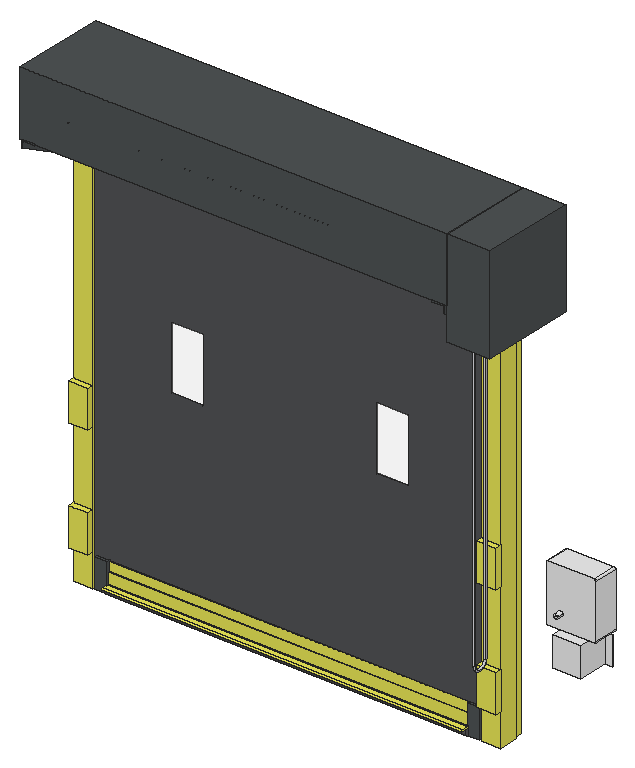
Revit family "Doors_Other_Overhead-Door-Corporation_RapidFlex-High-Speed-Exterior-Fabric-Door-995", category Specialty Equipment, host Wall, Revit 2019
Family settings
  Host = Wall
  Round Connector Dimension = Use Diameter
  Part Type = Normal
  OmniClass Number = 23.30.10.21.34
  OmniClass Title = Industrial Doors
  Always vertical = Yes
  Cut with Voids When Loaded = No
  Shared = No
  Room Calculation Point = No
Parameters (values of type "208 volts, three phase, 60 Hz (190-207 V range)")
  Vision Panels [instance] = yes
  True Width [instance] = [Door Width (Real)]  # 10' - 0"
  True Height [instance] = [Door Height (Real)]  # 10' - 0"
  Three Phase Controller [instance] = not(One Phase Controller)  # yes
  Rough Width [instance] = [Door Width (Real)]  # 10' - 0"
  Rough Height [instance] = if(Headroom Option < 3, [Door Height (Real)] - 0' 3 7/8", [Door Height (Real)] - 0' 1 19/128")  # 9' - 8 1/8"
  Product Page URL = "https://www.overheaddoor.com/high-speed-doors-995"
  Powder Coat (Note) = "PowderGuard® Premium powder coat options are available in approximately 200 colors as well as custom matching to specification. "  # constant formula
  Panel Material [instance] = NBR - Overhead Door - Black
  One Phase Controller [instance] = if(Number of Poles = 1, 1 = 1, 1 = 2)  # no
  Motor Cover [instance] = yes
  Hood Material = Metal - Overhead Door - Black
  Hood Height [instance] = 1' - 8 51/128"  # constant formula
  Headroom Type [instance] = if(or(Headroom Option < 1, Headroom Option = 1), "Standard Headroom", if(Headroom Option = 2, "Sloped Standard Headroom", if(Headroom Option = 3, "Low Headroom", "Sloped Low Headroom")))  # "Standard Headroom"
  Headroom Offset [instance] = if(or(Headroom Option < 1, Headroom Option = 1, Headroom Option = 3), 0' 0", if(or(Headroom Option = 2, Headroom Option > 3), 0' 10 1/8", 0' 10 1/8"))  # 0' - 0"
  Headroom Height [instance] = if(Headroom Option < 3, 2' 9" + 0' 3 7/8" + Headroom Offset, if(and(or(Rough Height < 14' 0", Rough Height = 14' 0"), or(Rough Width < 17' 0", Rough Width = 17' 0")), 1' 7" + Headroom Offset, if(and(or(Rough Height < 14' 0", Rough Height = 14' 0"), Rough Width > 17' 0"), 1' 8 1/2" + Headroom Offset, if(or(Rough Height < 22' 0", Rough Height = 22' 0"), 1' 8 1/2" + Headroom Offset, 2' 0 1/2" + Headroom Offset))))  # 3' - 0 7/8"
  Headroom Option [instance] = 1
  External Transformer = if(or(Voltage = 208 V, Voltage = 575 V), 1 = 1, 1 = 2)  # yes
  Door Width (Real) [instance] = if(Door Width > Max Door Width, Max Door Width, if(Door Width < Min Door Width, Min Door Width, Door Width))  # 10' - 0"
  Door Height (Real) [instance] = if(Door Height > Max Door Height, Max Door Height, if(Door Height < Min Door Height, Min Door Height, Door Height))  # 10' - 0"
  Voltage = 208 V
  URL = "https://www.overheaddoor.com/"
  Product data url = "https://www.bimobject.com/overhead-door/product/high-speed-exterior-rubber-door-995"
  Product Guid = "13b5c75b-cec7-45e1-8c6d-90d66582226f"
  Power Factor = 1
  Number of Poles = 3
  Model = "995"  # constant formula
  Min Door Width [instance] = 4' - 0"  # constant formula
  Min Door Height [instance] = 4' - 0"  # constant formula
  Max Door Width [instance] = 30' - 0"  # constant formula
  Max Door Height [instance] = 30' - 0"  # constant formula
  Manufacturer = "Overhead Door Corporation"  # constant formula
  Frequency = 60 Hz  # constant formula
  Wall Closure = By host
  Floor To (CL) of Shaft [instance] = Rough Height + Headroom Height - if(Headroom Option < 3, 0' 10 1/32", 0' 8 19/128") - Headroom Offset  # 11' - 10 31/32"
  Connector Description = "Rapidflex Large Control Panel"  # constant formula
  Finish Material = Finish - Overhead Door - Yellow
  Door Width [instance] = 10' - 0"
  Door Height [instance] = 10' - 0"
  Description = "RapidFlex® Model 995 is a heavy-duty exterior high speed rubber door that features a multi-reinforced NBR rubber curtain and high strength guide construction to withstand harsh exterior conditions. It features an independently tested wind load of up to 27.0 psf*."  # constant formula
  Current = 20 A
  Backroom Depth [instance] = if(Headroom Option < 3, 2' 5 17/32", if(and(or(Rough Height < 14' 0", Rough Height = 14' 0"), or(Rough Width < 17' 0", Rough Width = 17' 0")), 2' 4 1/2", if(and(or(Rough Height < 14' 0", Rough Height = 14' 0"), Rough Width > 17' 0"), 2' 5 1/2" + Headroom Offset, if(or(Rough Height < 22' 0", Rough Height = 22' 0"), 2' 7" + Headroom Offset, 2' 9"))))  # 2' - 5 17/32"
  Apparent Load Phase 3 = if(Number of Poles = 1, 0 VA, (Voltage * Current * sqrt(3)) / 3)  # 2401.78 VA
  Apparent Load Phase 2 = if(Number of Poles = 1, 0 VA, (Voltage * Current * sqrt(3)) / 3)  # 2401.78 VA
  Apparent Load Phase 1 = if(Number of Poles = 1, Voltage * Current, (Voltage * Current * sqrt(3)) / 3)  # 2401.78 VA
Reference planes (in)
  plane 1 "Center (Front/Back)": y = 0
  plane 2 "Center (Left/Right)": x = 0
  plane 3 "Left": x = -60
  plane 4 "Right": x = 60
  plane 5 "Exterior": y = 3.00375
  plane 6 "Interior": y = -2.99625
  plane 7: x = 60
  plane 8: x = -60
  plane 9: z = 116.125
  plane 10 "Main": y = -7.11344
  plane 11: y = -32.5275
  plane 12 "Main Door Block": y = -2.99625
  plane 13: z = 47.47
  plane 14: y = -10.44254
  plane 15: y = -10.52271
  plane 16: y = -10.36238
  plane 17: z = 120
Lines and regions (in)
  Opening 1
    outline origin (-90, -2.99625, 0) x (1, 0, 0) y (0, 0, 1)
      loop
        line (30, 0) -> (150, 0) -> (150, 116.125) -> (30, 116.125) -> (30, 0)
Text (in)
  text "Exterior" at (-74.96733, -29.37398, 0), in view "Ref. Level"
  text "Interior" at (-74.96733, 20.10035, 0), in view "Ref. Level"
  text "Exterior" at (0, 40.15149, 123.01588), in view "Right"
  text "Interior" at (0, -64.39139, 123.01588), in view "Right"
  text "Interior" at (0, -31.01599, 123.00693), in view "Left"
  text "Exterior" at (0, 54.57065, 123.00693), in view "Left"
Dimensions and locks (in)
  equal spacing: plane 3 "Left", plane 2 "Center (Left/Right)", plane 4 "Right"
  "Door Width (Real)": plane 3 "Left" to plane 4 "Right"
  level to host wall = 38' - 3.59655"
  equal spacing: plane 8, plane 2 "Center (Left/Right)", plane 7
  "Rough Width": plane 7 to plane 8
  "Backroom Depth": plane 6 "Interior" to plane 11
  locked: plane 12 "Main Door Block" to plane 10 "Main" at 4.11719
  plane 1 "Center (Front/Back)" to plane 6 "Interior" = 0' - 2.99625"
  locked: plane 14 to plane 6 "Interior" at 7.44629
  locked: plane 15 to plane 16 at 0.16033
  equal spacing: plane 15, plane 14, plane 16
  "Door Height (Real)": plane 17 to level
  "Rough Height": plane 9 to level
  aligned and locked: Opening 1 sketch curve to level
  aligned and locked: plane 5 "Exterior" to host wall
  aligned and locked: host wall to plane 6 "Interior"
  aligned and locked: plane 8 to Opening 1 sketch curve
  aligned and locked: plane 7 to Opening 1 sketch curve
  aligned and locked: plane 12 "Main Door Block" to plane 6 "Interior"
  aligned and locked: plane 12 "Main Door Block" to nested 1
  aligned and locked: nested 1 to plane 2 "Center (Left/Right)"
  aligned and locked: level to nested 1
  aligned and locked: Opening 1 sketch curve to plane 9
  aligned and locked: plane 2 "Center (Left/Right)" to nested 2
Nested families (in)
  nested 1: "Lifts" at (0, -2.99625, 0) x (-1, 0, 0) z (0, 0, 1), type "Frame Unit"
  nested 2: "Panel" at (0, -10.36238, 0), type "Panel"
    with Height Real 11' - 0 241/256", Height 9' - 8 1/8"
Connectors (in)
  electrical at (87.81444, -10.53625, 47.99806), driven by "Number of Poles", driven by "Voltage", driven by "Apparent Load Phase 1", driven by "Power Factor", driven by "Connector Description", driven by "Apparent Load Phase 2", driven by "Apparent Load Phase 3"
    settings: on nested 1, index 1, voltage 208 V, apparent load 0 VA, apparent load phase1 2401.78 VA, apparent load phase2 2401.78 VA, apparent load phase3 2401.78 VA, power factor 1, load classification "Other", number of poles 3, system type 31, power factor state 1, is connector primary yes, connector utility no, sub classification motor no, connector description "Rapidflex Large Control Panel"
Definition of nested family "Lifts"
  Parameters (values of type "Frame Unit")
    Three Phase Controller = yes
    Spool Radius = 0' - 4 1/2"
    Small Astragal = not(Large Astragal)  # no
    Shaft Offset = if(Headroom Option < 3, 1' 0 51/128", 0' 9")  # 1' - 0 51/128"
    Shaft Material = none
    Shaft Length Right = if(Right Motor Position, 1' 6 5/8", 0' 6 9/16")  # 1' - 6 5/8"
    Shaft Length Left = 0' - 8 1/16"  # constant formula
    Shaft 2 Vertical = if(Headroom Option < 3, 1' 2 13/256", 0' 0")  # 1' - 2 13/256"
    Shaft 2 Horizontal = if(Headroom Option < 3, 0' 9 57/64", 0' 9 1/2")  # 0' - 9 57/64"
    Rod 2 = if(and(not(Motor Cover), Right Motor Position), 1 = 1, 1 = 2)  # no
    Right Motor Position = yes
    Opening Width = 10' - 0"
    One Phase Controller = no
    Motor Cover Off = not(Motor Cover)  # no
    Motor Cover = yes
    Masking Region Right Motor Three Phase = if(and(Right Motor Position, Three Phase Controller), 1 = 1, 1 = 2)  # yes
    Masking Region Right Motor = if(and(Right Motor Position, Motor Cover Off), 1 = 1, 1 = 2)  # no
    Large Astragal = if(Headroom Option < 3, 1 = 1, 1 = 2)  # yes
    Jambs Offset = if(Headroom Option < 3, 0' 0", 0' 2 63/256")  # 0' - 0"
    Hood Material = none
    Headroom Option = 1
    Headroom Offset = 0' - 0"
    Headroom Height = 3' - 0 7/8"
    Header Width = 2' - 5 17/32"
    Header Height = if(Headroom Option < 3, 1' 8 15/256", 1' 4 77/256")  # 1' - 8 15/256"
    Guid Width = 0' - 6 9/16"
    Floor To CL Shaft = 11' - 10 31/32"
    External Transformer = yes
    Electric Operator Position = if(Right Motor Position, (2' 1 3/4" * 2 + Opening Width + 0' 0 5/8"), 0' 0")  # 14' - 4 1/8"
    Opening Height = 9' - 8 1/8"
    Finish Material = none
    Bar Offset = if(Headroom Option < 3, 0' 0", 1' 1")  # 0' - 0"
    Analytic Construction = "<None>"
  Reference planes (in)
    plane 1 "Center (Front/Back)": y = 0
    plane 2: z = 0
    plane 3 "Center (Left/Right)": x = 0
    plane 4 "Left": x = -60
    plane 5 "Right": x = 60
    plane 6 "Center Line of Shaft": z = 142.96875
    plane 7 "Headroom Top": z = 153
    plane 8 "Opening Height": z = 116.125
    plane 9: x = -78.625
    plane 10 "Shaft": x = -75.54413
    plane 11 "Box": x = -87.8125
    plane 12 "EBOX": z = 48
    plane 13: z = 39.09375
    plane 14: z = 56.90625
    plane 15: z = 43.5
    plane 16: y = 7.54
    plane 17 "2": z = 132.94141
    plane 18: y = 29.53125
    plane 19: x = 68.0625
    plane 20: x = 66.5625
    plane 21: x = -66.5625
    plane 22: x = -80.0625
    plane 23: x = -95.5625
    plane 24 "Center L/MM": x = 84.3125
    plane 25: z = 53
    plane 26: z = 43
    plane 27: x = -84.3125
    plane 28: x = -91.3125
    plane 29: y = 7.54
    plane 30 "1": z = 45.56
    plane 31 "Sloped motor LH": x = -71.125
    plane 32 "Sloped motor RH": x = 71.125
    plane 33: z = 153
    plane 34 "panel center": y = 7.44629
    plane 35: x = 80
    plane 36 "Jamb": z = 120
    plane 37: z = 120
    plane 38: y = 17.13281
    plane 39: z = 120
  Forms (in)
    Extrusion 1, solid, material <- "Shaft Material"
      sketch origin (0, 0, 0) x (0, 1, 0) y (0, 0, 1)
        loop
          circle (17.13281, 142.96875) r 0.78
      from -78.625 to 68.0625
    Extrusion 2, solid, visible <- "Three Phase Controller"
      sketch origin (-1.95651, 0, 0) x (1, 0, 0) y (0, 0, 1)
        loop
          line (-78.60599, 56.90625) -> (-93.10599, 56.90625)
          arc (-93.10599, 56.90625) -> (-93.45954, 56.7598) -> (-93.60599, 56.40625) r 0.5
          line (-93.60599, 56.40625) -> (-93.60599, 39.59375)
          arc (-93.60599, 39.59375) -> (-93.45954, 39.2402) -> (-93.10599, 39.09375) r 0.5
          line (-93.10599, 39.09375) -> (-78.60599, 39.09375)
          arc (-78.60599, 39.09375) -> (-78.25243, 39.2402) -> (-78.10599, 39.59375) r 0.5
          line (-78.10599, 39.59375) -> (-78.10599, 56.40625)
          arc (-78.10599, 56.40625) -> (-78.25243, 56.7598) -> (-78.60599, 56.90625) r 0.5
      from -7.54 to 0
    Revolve 3, solid, visible <- "Three Phase Controller"
      sketch origin (-55.03203, -180, 43.5) x (-1, 0, 0) y (0, -1, 0)
        loop
          line (29.42047, -187.54) -> (28.67047, -187.54) -> (28.82047, -189.312) -> (29.42047, -189.312) -> (29.42047, -187.54)
        axis (29.42047, -187.54) -> (29.42047, -189.312)
      angle from 0 to 360
    Extrusion 4, solid, material <- "Finish Material"
      sketch origin (0, 0, 0) x (1, 0, 0) y (0, 1, 0)
        loop
          line (66.5625, 8.5) -> (60.5625, 8.5) -> (60.5625, 8.12) -> (66.1825, 8.12) -> (66.1825, 6.62889) -> (62.00599, 6.62889) -> (60.91271, 7.23491) -> (60.81575, 7.05998) -> (61.95841, 6.4266) -> (65.97719, 6.4266) -> (65.97719, 6.00445) -> (65.62, 6.00445) -> (65.62, 0.38051) -> (60, 0.38051) -> (60, 0) -> (66, 0) -> (66, 2.5) -> (66.5625, 2.5) -> (66.5625, 8.5)
        loop
          line (-66.5625, 8.5) -> (-66.5625, 2.5) -> (-66, 2.5) -> (-66, 0) -> (-60, 0) -> (-60, 0.38051) -> (-65.62, 0.38051) -> (-65.62, 6.00445) -> (-65.97719, 6.00445) -> (-65.97719, 6.4266) -> (-61.95841, 6.4266) -> (-60.81575, 7.05998) -> (-60.91271, 7.23491) -> (-62.00599, 6.62889) -> (-66.1825, 6.62889) -> (-66.1825, 8.12) -> (-60.5625, 8.12) -> (-60.5625, 8.5) -> (-66.5625, 8.5)
      from 0 to 120
    Extrusion 5, solid, material <- "Hood Material"
      sketch origin (0, 0, 0) x (0, 1, 0) y (0, 0, 1)
        loop
          line (0, 132.94141) -> (29.53125, 132.94141) -> (29.53125, 153) -> (0, 153) -> (0, 132.94141)
      from -66.5625 to 66.5625
    Extrusion 6, solid, material <- "Hood Material"
      sketch origin (-60, -60, 48) x (0, -1, 0) y (0, 0, 1)
        loop
          circle (-77.13281, 94.96875) r 4.5
      from 5.80769 to 4.63204
    Extrusion 7, solid, visible <- "External Transformer"
      sketch origin (0, 0, 48) x (1, 0, 0) y (0, 1, 0)
        loop
          line (-94.6875, 0) -> (-80.9375, 0) -> (-80.9375, 0.125) -> (-83.3125, 0.125) -> (-83.3125, 9.3125) -> (-92.3125, 9.3125) -> (-92.3125, 0.125) -> (-94.6875, 0.125) -> (-94.6875, 0)
      from -19.13 to -10
    Extrusion 8, solid, visible <- "One Phase Controller"
      sketch origin (0, 0, 0) x (1, 0, 0) y (0, 0, 1)
        loop
          line (-84.72803, 53) -> (-90.9125, 53)
          arc (-90.9125, 53) -> (-91.19534, 52.88284) -> (-91.3125, 52.6) r 0.4
          line (-91.3125, 52.6) -> (-91.3125, 43.4)
          arc (-91.3125, 43.4) -> (-91.19534, 43.11716) -> (-90.9125, 43) r 0.4
          line (-90.9125, 43) -> (-84.7125, 43)
          arc (-84.7125, 43) -> (-84.42966, 43.11716) -> (-84.3125, 43.4) r 0.4
          line (-84.3125, 43.4) -> (-84.3125, 52.58447)
          arc (-84.3125, 52.58447) -> (-84.43421, 52.87829) -> (-84.72803, 53) r 0.41553
      from -7.54 to 0
    Revolve 9, solid, visible <- "One Phase Controller"
      sketch origin (0, 0, 45.56) x (-1, 0, 0) y (0, -1, 0)
        loop
          line (87.8125, -9.3125) -> (87.8125, -7.54) -> (87.0625, -7.54) -> (87.2125, -9.3125) -> (87.8125, -9.3125)
        axis (87.8125, -9.3125) -> (87.8125, -7.54)
      angle from 0 to 360
    Extrusion 10, solid, material <- "Hood Material"
      sketch origin (60, -60, 48) x (0, -1, 0) y (0, 0, -1)
        loop
          circle (-77.13281, -94.96875) r 4.5
      from 5.80769 to 4.63204
    Extrusion 11, solid, material <- "Finish Material"
      sketch origin (0, 0, 0) x (1, 0, 0) y (0, 1, 0)
        loop
          line (65.05337, 1.4214) -> (65.05337, 6.42707) -> (62.05337, 6.42707) -> (62.05337, 1.4214) -> (65.05337, 1.4214)
        loop
          line (-65.05337, 1.4214) -> (-62.05337, 1.4214) -> (-62.05337, 6.42707) -> (-65.05337, 6.42707) -> (-65.05337, 1.4214)
      from 0 to 0.38
    Extrusion 12, solid, material <- "Finish Material"
      sketch origin (0, 0, 0) x (1, 0, 0) y (0, 1, 0)
        loop
          line (66.5625, 10.52653) -> (60.66925, 10.52653) -> (60.66925, 8.5) -> (66.5625, 8.5) -> (66.5625, 10.52653)
        loop
          line (-66.5625, 10.52653) -> (-66.5625, 8.5) -> (-60.66925, 8.5) -> (-60.66925, 10.52653) -> (-66.5625, 10.52653)
      from 10.30995 to 22.01998
    Extrusion 13, solid, material <- "Finish Material"
      sketch origin (0, 0, 0) x (1, 0, 0) y (0, 1, 0)
        loop
          line (-66.5625, 10.52653) -> (-66.5625, 8.5) -> (-60.66925, 8.5) -> (-60.66925, 10.52653) -> (-66.5625, 10.52653)
        loop
          line (60.66925, 10.52653) -> (60.66925, 8.5) -> (66.5625, 8.5) -> (66.5625, 10.52653) -> (60.66925, 10.52653)
      from 45.16821 to 56.75
    Extrusion 14, solid, material <- "Hood Material"
      sketch origin (0, 0, 0) x (1, 0, 0) y (0, 0, 1)
        loop
          arc (66, 132.63772) -> (65.91105, 132.85246) -> (65.69632, 132.94141) r 0.30368
          line (65.69632, 132.94141) -> (62, 132.94141) -> (62, 132.5575) -> (65.50079, 132.5575)
          arc (65.50079, 132.5575) -> (65.58508, 132.52258) -> (65.62, 132.43829) r 0.11921
          line (65.62, 132.43829) -> (65.62, 120) -> (66, 120) -> (66, 132.63772)
        loop
          line (-66, 132.63772) -> (-66, 120) -> (-65.62, 120) -> (-65.62, 132.43829)
          arc (-65.62, 132.43829) -> (-65.58508, 132.52258) -> (-65.50079, 132.5575) r 0.11921
          line (-65.50079, 132.5575) -> (-62, 132.5575) -> (-62, 132.94141) -> (-65.69632, 132.94141)
          arc (-65.69632, 132.94141) -> (-65.91105, 132.85246) -> (-66, 132.63772) r 0.30368
      from -29.53125 to 0
    Extrusion 15, solid, material <- "Finish Material"
      sketch origin (0, 5.25463, 0) x (0, 1, 0) y (0, 0, 1)
        loop
          line (2.42, 9.04635) -> (1.96332, 9.04635) -> (1.96332, 6.00783) -> (1.49629, 6.00783) -> (1.49629, 2.61647)
          arc (1.49629, 2.61647) -> (1.43504, 2.4686) -> (1.28717, 2.40735) r 0.20912
          line (1.28717, 2.40735) -> (-0.65234, 2.40735)
          arc (-0.65234, 2.40735) -> (-0.9076, 2.30162) -> (-1.01334, 2.04635) r 0.361
          line (-1.01334, 2.04635) -> (5.39666, 2.04635)
          arc (5.39666, 2.04635) -> (5.29093, 2.30162) -> (5.03566, 2.40735) r 0.361
          line (5.03566, 2.40735) -> (3.09615, 2.40735)
          arc (3.09615, 2.40735) -> (2.94828, 2.4686) -> (2.88703, 2.61647) r 0.20912
          line (2.88703, 2.61647) -> (2.88703, 6.00783) -> (2.42, 6.00783) -> (2.42, 9.04635)
      from -56.24 to 56.24
    Extrusion 16, solid, material <- "Hood Material"
      sketch origin (0, 0, 0) x (1, 0, 0) y (0, 0, 1)
        loop
          line (-60, 0) -> (-56.24, 0) -> (-56.24, 9.04635) -> (-60, 9.04635) -> (-60, 0)
        loop
          line (60, 0) -> (60, 9.04635) -> (56.24, 9.04635) -> (56.24, 0) -> (60, 0)
      from 0 to -8.5
    Extrusion 17, solid
      sketch origin (0, 0, 0) x (0, 1, 0) y (0, 0, 1)
        loop
          circle (9.89062, 128.91797) r 0.5
      from -67.4125 to 67.4125
    Extrusion 18, solid, material <- "Hood Material"
      sketch origin (0, 0, 0) x (0, 1, 0) y (0, 0, 1)
        loop
          circle (9.89062, 128.91797) r 2.17188
      from -63.62 to 63.62
    Extrusion 19, void
      sketch origin (0, 0, 0) x (0, 1, 0) y (0, 0, 1)
        loop
          line (29.53125, 116.125) -> (29.53125, 130.5575) -> (10, 120) -> (6.00445, 120) -> (6.00445, 132.94141) -> (0, 132.94141) -> (0, 116.125) -> (29.53125, 116.125)
      from -71.125 to 68.0625
    Extrusion 20, solid
      sketch origin (-69.5, -180, 132.94141) x (-1, 0, 0) y (0, -1, 0)
        loop
          line (-135.12, -180.38051) -> (-135.12, -186.4266) -> (-131.5, -186.4266) -> (-131.5, -186.04769) -> (-134.74109, -186.04769) -> (-134.74109, -180.38051) -> (-135.12, -180.38051)
        loop
          line (-3.88, -180.38051) -> (-4.25891, -180.38051) -> (-4.25891, -186.04769) -> (-7.5, -186.04769) -> (-7.5, -186.4266) -> (-3.88, -186.4266) -> (-3.88, -180.38051)
      from -12.94141 to 0
    Extrusion 21, solid
      sketch origin (0, 0, 0) x (0, 1, 0) y (0, 0, 1)
        loop
          line (6.75092, 2.04635) -> (6.75092, 1.79635) -> (6.48807, 1.75)
          arc (6.48807, 1.75) -> (5.61307, 0.875) -> (6.48807, 0) r 0.875
          line (6.48807, 0) -> (8.40451, 0)
          arc (8.40451, 0) -> (9.27951, 0.875) -> (8.40451, 1.75) r 0.875
          line (8.40451, 1.75) -> (8.14166, 1.79635) -> (8.14166, 2.04635) -> (6.75092, 2.04635)
      from -56.24 to 56.24
  Cuts and joins
    Extrusion 19 cuts Extrusion 14
  Lines and regions (in)
    Masking region 1, visible <- "Three Phase Controller"
      outline origin (0, 0, 0) x (1, 0, 0) y (0, 1, 0)
        loop
          line (-95.5625, 0) -> (-80.0625, 0) -> (-80.0625, 7.54) -> (-95.5625, 7.54) -> (-95.5625, 0)
    Masking region 2, visible <- "Masking Region Right Motor Three Phase"
      outline origin (0, 0, 0) x (1, 0, 0) y (0, 1, 0)
        loop
          line (-83.7025, 7.54) -> (-83.8525, 9.312) -> (-85.0525, 9.312) -> (-85.2025, 7.54) -> (-83.7025, 7.54)
    Masking region 3, visible <- "External Transformer"
      outline origin (0, 0, 0) x (1, 0, 0) y (0, 1, 0)
        loop
          line (-92.3125, 7.54) -> (-83.3125, 7.54) -> (-83.3125, 9.3125) -> (-92.3125, 9.3125) -> (-92.3125, 7.54)
    Masking region 4, not visible
      outline origin (-205.49871, -5.75, 0) x (0, 1, 0) y (-1, 0, 0)
        loop
          line (13.29, -113.57621) -> (13.29, -115.07621) -> (15.062, -114.92621) -> (15.062, -113.72621) -> (13.29, -113.57621)
    Masking region 5
      outline origin (0, 0, 0) x (1, 0, 0) y (0, 1, 0)
        loop
          line (-66.5625, 29.53125) -> (-66.5625, 0) -> (66.5625, 0) -> (66.5625, 29.53125) -> (-66.5625, 29.53125)
    Masking region 6, visible <- "One Phase Controller"
      outline origin (0, 0, 0) x (1, 0, 0) y (0, 1, 0)
        loop
          line (-91.3125, 7.54) -> (-91.3125, 0) -> (-84.33954, 0) -> (-84.33954, 7.54) -> (-91.3125, 7.54)
    Masking region 7, visible <- "One Phase Controller"
      outline origin (0, 0, 0) x (1, 0, 0) y (0, 1, 0)
        loop
          line (-88.4125, 9.3125) -> (-88.5625, 7.54) -> (-87.0625, 7.54) -> (-87.2125, 9.3125) -> (-88.4125, 9.3125)
    Masking region 8, visible <- "Right Motor Position"
      outline origin (0, 0, 0) x (1, 0, 0) y (0, 1, 0)
        loop
          line (66.5625, 17.90751) -> (66.5625, 16.35281) -> (68.0625, 16.35281) -> (68.0625, 17.90751) -> (66.5625, 17.90751)
    Masking region 9, visible <- "Rod 2"
      outline origin (0, 0, 0) x (0, 1, 0) y (-1, 0, 0)
        loop
          line (17.91281, 78.625) -> (16.35281, 78.625) -> (16.35281, 74.7915) -> (16.79189, 74.7915) -> (16.79189, 74.2615) -> (17.91281, 74.2615) -> (17.91281, 78.625)
        loop
          line (17.91281, 66.5625) -> (17.91281, 68.4925) -> (17.27997, 68.4925) -> (17.27997, 69.7225) -> (17.91281, 69.7225) -> (17.91281, 70.3225) -> (16.79189, 70.3225) -> (16.79189, 69.79528) -> (16.35281, 69.79528) -> (16.35281, 66.5625) -> (17.91281, 66.5625)
    Masking region 10, not visible
      outline origin (0, 0, 120) x (0, -1, 0) y (1, 0, 0)
        loop
          line (-10.39062, 67.4125) -> (-10.39062, 66.5625) -> (-9.39062, 66.5625) -> (-9.39062, 67.4125) -> (-10.39062, 67.4125)
    symbolic lines, not visible
      curve 1: line (-64.3625, 7.78111, 0) -> (-64.3625, 6.21995, 0)
      curve 2: line (64.36395, 7.78111, 0) -> (64.36395, 5.875, 0)
    symbolic lines
      curve 3: line (-64.3625, 29.53125, 0) -> (-64.3625, 0, 0)
      curve 4: line (64.36395, 29.53125, 0) -> (64.36395, 0, 0)
  Dimensions and locks (in)
    equal spacing: plane 4 "Left", plane 3 "Center (Left/Right)", plane 5 "Right"
    "Opening Width": plane 4 "Left" to plane 5 "Right"
    "Header Height": plane 7 "Headroom Top" to plane 17 "2"
    "Opening Height": plane 8 "Opening Height" to level
    locked: level to plane 12 "EBOX" at 48
    locked: plane 11 "Box" to Revolve 3 sketch curve at 3.36
    equal spacing: plane 14, plane 12 "EBOX", plane 13
    locked: plane 12 "EBOX" to plane 15 at 4.5
    locked: plane 13 to plane 14 at 17.8125
    locked: plane 10 "Shaft" to plane 4 "Left" at 15.54413
    plane 11 "Box" to plane 10 "Shaft" = 1' - 0.26837"
    locked: plane 16 to plane 1 "Center (Front/Back)" at 7.54
    locked: Revolve 3 sketch curve to Revolve 3 sketch curve at 0.6
    locked: Revolve 3 sketch curve to Revolve 3 sketch curve at 0.75
    locked: plane 16 to Revolve 3 sketch curve at 1.772
    "Header Width": plane 1 "Center (Front/Back)" to Extrusion 5 sketch curve
    Extrusion 5 to plane 4 "Left" = 0' - 6 9/16"
    plane 5 "Right" to Extrusion 5 = 0' - 6 9/16"
    "Header Width": plane 1 "Center (Front/Back)" to plane 18
    plane 21 to nested 1 = 0' - 5.729"
    "Guid Width": plane 4 "Left" to plane 21
    "Guid Width": plane 5 "Right" to plane 20
    locked: plane 11 "Box" to plane 23 at 7.75
    locked: plane 22 to plane 11 "Box" at 7.75
    locked: plane 1 "Center (Front/Back)" to Extrusion 7 sketch curve at 0.125
    locked: plane 11 "Box" to Extrusion 7 sketch curve at 4.5
    locked: Extrusion 7 sketch curve to plane 11 "Box" at 4.5
    locked: Extrusion 7 sketch curve to plane 11 "Box" at 6.875
    locked: plane 11 "Box" to Extrusion 7 sketch curve at 6.875
    plane 1 "Center (Front/Back)" to Extrusion 7 sketch curve = 0' - 9 5/16"
    plane 20 to plane 21 = 11' - 1 1/8"
    "Electric Operator Position": plane 11 "Box" to plane 24 "Center L/MM"
    equal spacing: Masking region 1 sketch curve, plane 11 "Box", Masking region 1 sketch curve
    locked: Masking region 1 sketch curve to Masking region 1 sketch curve at 15.5
    "Floor To CL Shaft": plane 6 "Center Line of Shaft" to plane 2
    equal spacing: plane 26, plane 12 "EBOX", plane 25
    locked: plane 26 to plane 25 at 10
    locked: plane 1 "Center (Front/Back)" to plane 29 at 7.54
    locked: plane 29 to Revolve 9 sketch curve at 1.7725
    locked: plane 12 "EBOX" to plane 30 "1" at 2.44
    locked: plane 11 "Box" to Revolve 9 sketch curve at 0.75
    locked: plane 11 "Box" to Revolve 9 sketch curve at 0.6
    equal spacing: plane 32 "Sloped motor RH", plane 3 "Center (Left/Right)", plane 31 "Sloped motor LH"
    locked: plane 4 "Left" to plane 31 "Sloped motor LH" at 11.125
    "Shaft Length Right": plane 9 to plane 4 "Left"
    "Headroom Offset": plane 33 to plane 7 "Headroom Top"
    "Headroom Height": plane 33 to plane 8 "Opening Height"
    locked: plane 27 to plane 11 "Box" at 3.5
    locked: plane 11 "Box" to plane 28 at 3.5
    locked: plane 20 to plane 24 "Center L/MM" at 17.75
    plane 5 "Right" to plane 24 "Center L/MM" = 2' - 0 5/16"
    locked: Extrusion 10 to plane 20 at 0.75481
    locked: Extrusion 10 to Extrusion 10 at 1.17565
    plane 24 "Center L/MM" to plane 19 = 1' - 4 1/4"
    locked: plane 1 "Center (Front/Back)" to Extrusion 11 sketch curve at 1.4214  (x2)
    locked: Extrusion 11 sketch curve to Extrusion 11 sketch curve at 5.00568  (x2)
    locked: Extrusion 11 sketch curve to plane 20 at 1.50913
    locked: Extrusion 11 sketch curve to Extrusion 11 sketch curve at 3  (x2)
    locked: plane 21 to Extrusion 11 sketch curve at 1.50913
    locked: plane 1 "Center (Front/Back)" to Extrusion 12 sketch curve at 8.5
    locked: Extrusion 12 sketch curve to Extrusion 12 sketch curve at 2.02653
    locked: plane 21 to Extrusion 12 sketch curve at 5.89325
    locked: Extrusion 12 sketch curve to plane 20 at 5.89325
    locked: Extrusion 12 to level at 10.30995
    locked: Extrusion 12 to Extrusion 12 at 11.71003
    locked: plane 1 "Center (Front/Back)" to Extrusion 13 sketch curve at 8.5
    locked: Extrusion 13 sketch curve to Extrusion 13 sketch curve at 2.02653
    locked: plane 21 to Extrusion 13 sketch curve at 5.89325
    locked: Extrusion 13 sketch curve to plane 20 at 5.89325
    locked: Extrusion 12 to Extrusion 13 at 23.14823
    locked: Extrusion 13 to Extrusion 13 at 11.58179
    locked: plane 1 "Center (Front/Back)" to plane 34 "panel center" at 7.44629
    locked: Extrusion 15 sketch curve to Extrusion 15 sketch curve at 1.39074
    locked: Extrusion 15 sketch curve to Extrusion 15 sketch curve at 3.03852
    locked: Extrusion 15 sketch curve to level at 9.04635
    locked: Extrusion 15 sketch curve to Extrusion 15 sketch curve at 7
    Extrusion 15 sketch curve to plane 34 "panel center" = 0' - 3.205"
    locked: Extrusion 15 sketch curve to Extrusion 15 sketch curve at 0.361
    locked: Extrusion 15 sketch curve to plane 34 "panel center" at 0.69537
    locked: Extrusion 16 sketch curve to level at 9.04635
    locked: Extrusion 16 sketch curve to plane 5 "Right" at 3.76
    plane 6 "Center Line of Shaft" to level = 11' - 10 31/32"
    locked: plane 37 to plane 8 "Opening Height" at 3.875
    "Jambs Offset": plane 37 to plane 36 "Jamb"
    "Shaft Offset": plane 38 to plane 18
    "Shaft 2 Vertical": plane 6 "Center Line of Shaft" to Extrusion 17 sketch curve
    locked: Extrusion 17 to plane 21 at 0.85
    locked: Extrusion 17 to plane 20 at 0.85
    "Shaft 2 Vertical": plane 6 "Center Line of Shaft" to Extrusion 18 sketch curve
    "Shaft 2 Horizontal": plane 1 "Center (Front/Back)" to Extrusion 18 sketch curve
    "Shaft 2 Horizontal": plane 1 "Center (Front/Back)" to Extrusion 17 sketch curve
    locked: plane 17 "2" to Extrusion 14 sketch curve at 12.94141  (x2)
    locked: plane 20 to Extrusion 14 sketch curve at 4.5625
    locked: plane 20 to Extrusion 14 sketch curve at 0.9425
    locked: plane 20 to Extrusion 14 sketch curve at 0.5625
    locked: Masking region 9 sketch curve to plane 38 at 0.78
    locked: plane 38 to Masking region 9 sketch curve at 0.78
    locked: plane 38 to Masking region 8 sketch curve at 0.7747
    locked: Masking region 8 sketch curve to plane 38 at 0.78
    locked: plane 20 to Masking region 8 sketch curve at 1.5
    "Shaft Length Left": plane 5 "Right" to plane 19
    plane 9 to Masking region 9 sketch curve to Masking region 9 sketch curve to Masking region 9 sketch curve to Masking region 9 sketch curve to Masking region 9 sketch curve to Masking region 9 sketch curve = 0' - 3.8335" locked, 0' - 0.53" locked, 0' - 3.939" locked, 0' - 0.52722" locked, 0' - 0.07278" locked, 0' - 1.23" locked
    Masking region 9 sketch curve to Masking region 9 sketch curve to Masking region 9 sketch curve to Masking region 9 sketch curve = 0' - 0.63284" locked, 0' - 0.48809" locked, 0' - 0.43907" locked
    locked: Extrusion 14 sketch curve to plane 21 at 0.5625
    locked: Extrusion 14 sketch curve to plane 21 at 0.9425
    locked: Extrusion 14 sketch curve to plane 21 at 4.5625
    locked: plane 1 "Center (Front/Back)" to Extrusion 19 sketch curve at 10
    locked: plane 17 "2" to Extrusion 19 sketch curve at 2.38391
    locked: Extrusion 19 sketch curve to Extrusion 19 sketch curve at 3.875
    locked: Extrusion 19 sketch curve to Extrusion 19 sketch curve at 6.00445
    locked: Extrusion 6 to Extrusion 6 at 1.17565
    locked: plane 4 "Left" to Extrusion 6 at 4.63204
    locked: Extrusion 20 sketch curve to Extrusion 20 sketch curve at 0.37891  (x4)
    locked: Extrusion 20 sketch curve to plane 20 at 0.9425
    locked: plane 1 "Center (Front/Back)" to Extrusion 20 sketch curve at 6.04769  (x2)
    locked: Extrusion 20 sketch curve to plane 20 at 4.5625
    locked: plane 21 to Extrusion 20 sketch curve at 1.32141
    locked: plane 21 to Extrusion 20 sketch curve at 4.5625
    locked: plane 17 "2" to Extrusion 19 sketch curve at 12.94141
    "Bar Offset": plane 36 "Jamb" to plane 39
    locked: plane 4 "Left" to Extrusion 16 sketch curve at 3.76
    locked: Extrusion 18 to plane 4 "Left" at 3.62
    locked: plane 5 "Right" to Extrusion 18 at 3.62
    locked: plane 34 "panel center" to Extrusion 15 sketch curve at 3.205
    level to Extrusion 15 sketch curve = 0' - 2.04635"
    locked: Extrusion 21 sketch curve to Extrusion 21 sketch curve at 1.39074
    equal spacing: Extrusion 21 sketch curve, plane 34 "panel center", Extrusion 21 sketch curve  (x2)
    locked: Extrusion 21 sketch curve to Extrusion 21 sketch curve at 1.91644
    locked: Extrusion 1 sketch curve to Extrusion 1 sketch curve (radius 0' - 0.78")
    "Spool Radius": radius of Extrusion 6 sketch curve
    "Spool Radius": radius of Extrusion 10 sketch curve
    radius of Extrusion 17 sketch curve = 0' - 0 1/2"
    radius of Extrusion 18 sketch curve = 0' - 2 11/64"
    radius of Extrusion 21 sketch curve = 0' - 0 7/8"  (x2)
    locked: Revolve 3 to Masking region 2 sketch curve (angle 85.1614°)
    locked: Masking region 2 sketch curve to Revolve 3 (angle 85.1614°)
    locked: Masking region 7 sketch curve to Revolve 9 (angle 85.1628°)
    locked: Revolve 9 to Masking region 7 sketch curve (angle 85.1628°)
    locked: Extrusion 21 sketch curve to Extrusion 21 sketch curve (angle 100.00°)  (x2)
    aligned and locked: plane 2 to level
    aligned and locked: plane 9 to Extrusion 1
    aligned and locked: Extrusion 2 to plane 1 "Center (Front/Back)"
    aligned and locked: Extrusion 2 sketch curve to plane 13
    aligned and locked: plane 14 to Extrusion 2 sketch curve
    aligned and locked: Revolve 3 sketch curve to Revolve 3 sketch curve
    aligned and locked: Revolve 3 sketch curve to plane 16
    aligned and locked: plane 1 "Center (Front/Back)" to Extrusion 5 sketch curve
    aligned and locked: Extrusion 5 to plane 17 "2"
    aligned and locked: plane 17 "2" to Extrusion 5 sketch curve
    aligned and locked: Masking region 2 sketch curve to Revolve 3  (x2)
    aligned and locked: Extrusion 1 to plane 19
    aligned and locked: plane 22 to Extrusion 2 sketch curve
    aligned and locked: plane 23 to Extrusion 2 sketch curve
    aligned and locked: Extrusion 7 sketch curve to plane 1 "Center (Front/Back)"
    aligned and locked: Extrusion 7 sketch curve to Extrusion 7 sketch curve
    aligned and locked: Masking region 3 sketch curve to Extrusion 7  (x2)
    aligned and locked: Extrusion 7 to Masking region 3 sketch curve
    aligned and locked: plane 6 "Center Line of Shaft" to Extrusion 6 sketch curve
    aligned and locked: plane 6 "Center Line of Shaft" to Extrusion 1 sketch curve
    aligned and locked: Extrusion 5 to plane 21
    aligned and locked: plane 20 to Extrusion 5
    aligned and locked: nested 1 to plane 21
    aligned and locked: plane 18 to Masking region 5 sketch curve
    aligned and locked: Masking region 5 sketch curve to plane 1 "Center (Front/Back)"
    aligned and locked: Masking region 5 sketch curve to plane 21
    aligned and locked: Masking region 5 sketch curve to plane 20
    aligned and locked: plane 25 to Extrusion 8 sketch curve
    aligned and locked: Extrusion 8 sketch curve to plane 26
    aligned and locked: Extrusion 8 sketch curve to plane 27
    aligned and locked: plane 1 "Center (Front/Back)" to Extrusion 8
    aligned and locked: Revolve 9 sketch curve to Revolve 9 sketch curve
    aligned and locked: Revolve 9 sketch curve to plane 29
    aligned and locked: Masking region 7 sketch curve to Revolve 9
    aligned and locked: Masking region 3 to Masking region 7 sketch curve
    aligned and locked: plane 6 "Center Line of Shaft" to Extrusion 10 sketch curve
    aligned and locked: plane 20 to Masking region 8 sketch curve
    aligned and locked: Extrusion 2 to Masking region 6
    aligned and locked: Masking region 4 to Extrusion 2
    aligned and locked: Extrusion 2 to Revolve 3
    aligned and locked: plane 18 to curve 3
    aligned and locked: curve 3 to plane 1 "Center (Front/Back)"
    aligned and locked: plane 18 to curve 4
    aligned and locked: plane 1 "Center (Front/Back)" to curve 4
    aligned and locked: Extrusion 11 to plane 2
    aligned and locked: Extrusion 12 sketch curve to Extrusion 12 sketch curve  (x2)
    aligned and locked: plane 20 to Extrusion 12 sketch curve
    aligned and locked: plane 21 to Extrusion 12 sketch curve
    aligned and locked: Extrusion 13 sketch curve to plane 20
    aligned and locked: plane 21 to Extrusion 13 sketch curve
    aligned and locked: Extrusion 12 to Extrusion 13 sketch curve
    aligned and locked: Extrusion 14 to plane 1 "Center (Front/Back)"
    aligned and locked: Extrusion 16 sketch curve to plane 4 "Left"
    aligned and locked: level to Extrusion 16 sketch curve
    aligned and locked: Extrusion 16 sketch curve to level
    aligned and locked: Extrusion 16 sketch curve to plane 5 "Right"
    aligned and locked: Extrusion 16 sketch curve to Extrusion 16 sketch curve
    aligned and locked: Extrusion 15 to Extrusion 16  (x2)
    aligned and locked: Extrusion 4 to plane 36 "Jamb"
    aligned and locked: plane 33 to Extrusion 5 sketch curve
    aligned and locked: plane 7 "Headroom Top" to Extrusion 5 sketch curve
    aligned and locked: plane 38 to Extrusion 1 sketch curve
    aligned and locked: plane 38 to Extrusion 10 sketch curve
    aligned and locked: plane 38 to Extrusion 6 sketch curve
    aligned and locked: Extrusion 14 sketch curve to plane 17 "2"
    aligned and locked: plane 6 "Center Line of Shaft" to nested 1
    aligned and locked: Masking region 9 sketch curve to Masking region 9 sketch curve  (x2)
    aligned and locked: nested 1 to plane 38
    aligned and locked: plane 17 "2" to Extrusion 14 sketch curve
    aligned and locked: Extrusion 14 sketch curve to Extrusion 14 sketch curve
    aligned and locked: Extrusion 14 to plane 18
    aligned and locked: Extrusion 19 sketch curve to plane 18
    aligned and locked: plane 17 "2" to Extrusion 19 sketch curve
    aligned and locked: Extrusion 19 sketch curve to plane 1 "Center (Front/Back)"
    aligned and locked: Extrusion 19 to plane 19
    aligned and locked: Extrusion 19 to plane 31 "Sloped motor LH"
    aligned and locked: Masking region 10 sketch curve to Extrusion 17  (x3)
    aligned and locked: Extrusion 20 to plane 39
    aligned and locked: Extrusion 21 to Extrusion 16  (x2)
  Automatic sketch dimensions
    Extrusion 2 sketch curve to Extrusion 2 sketch curve = 0' - 0 1/2"
    Extrusion 2 sketch curve to plane 14 = 0' - 0 1/2"
    Extrusion 2 sketch curve to plane 22 = 0' - 0 1/2"  (x2)
    Extrusion 8 sketch curve to plane 28 = 0' - 0"
    Extrusion 8 sketch curve to plane 25 = 0' - 0.4"
    Extrusion 8 sketch curve to plane 15 = 0' - 0.1"  (x2)
    Extrusion 8 sketch curve to plane 25 = 0' - 0.41553"
    Revolve 9 sketch curve to plane 11 "Box" = 0' - 0"
    Revolve 9 sketch curve to plane 29 = 0' - 0"
    Revolve 9 sketch curve to Revolve 9 sketch curve = 0' - 0"
    plane 21 to curve 1 = 0' - 2.2"
    plane 21 to curve 3 = 0' - 2.2"
    curve 2 to plane 20 = 0' - 2.19855"
    curve 4 to plane 20 = 0' - 2.19855"
    curve 2 to plane 34 "panel center" = 0' - 1.57129"
    curve 1 to plane 34 "panel center" = 0' - 1.22634"
    plane 34 "panel center" to curve 2 = 0' - 0.33481"
    plane 34 "panel center" to curve 1 = 0' - 0.33481"
    Revolve 3 sketch curve to plane 18 = 0' - 7.38505"
    Revolve 3 sketch curve to plane 1 "Center (Front/Back)" = 0' - 3.07036"
    Extrusion 4 sketch curve to plane 21 = 0' - 0"
    Extrusion 4 sketch curve to plane 1 "Center (Front/Back)" = 0' - 0"
    Extrusion 4 sketch curve to plane 4 "Left" = 0' - 0"
    plane 1 "Center (Front/Back)" to Extrusion 4 sketch curve = 0' - 0"
    Extrusion 4 sketch curve to plane 5 "Right" = 0' - 0"
    Extrusion 4 sketch curve to plane 20 = 0' - 0"
    plane 21 to Extrusion 4 sketch curve = 0' - 0.38"
    plane 21 to Extrusion 4 sketch curve = 0' - 0 9/16"
    Extrusion 4 sketch curve to Extrusion 4 sketch curve = 0' - 0.20531"  (x2)
    Extrusion 4 sketch curve to Extrusion 4 sketch curve = 0' - 0.35719"  (x2)
    Extrusion 4 sketch curve to plane 34 "panel center" = 0' - 0.8174"  (x2)
    plane 4 "Left" to Extrusion 4 sketch curve = 0' - 2.00599"
    Extrusion 4 sketch curve to Extrusion 4 sketch curve = 0' - 0.04758"
    Extrusion 4 sketch curve to plane 34 "panel center" = 0' - 0.21139"  (x2)
    plane 4 "Left" to Extrusion 4 sketch curve = 0' - 0.91271"
    Extrusion 4 sketch curve to plane 34 "panel center" = 0' - 0.38631"
    plane 4 "Left" to Extrusion 4 sketch curve = 0' - 0 9/16"
    Extrusion 4 sketch curve to plane 5 "Right" = 0' - 0 9/16"
    Extrusion 4 sketch curve to plane 5 "Right" = 0' - 0.81575"
    Extrusion 4 sketch curve to Extrusion 4 sketch curve = 0' - 0.09696"
    Extrusion 4 sketch curve to plane 34 "panel center" = 0' - 1.0197"
    Extrusion 4 sketch curve to Extrusion 4 sketch curve = 0' - 1.14266"
    Extrusion 4 sketch curve to plane 20 = 0' - 0.9425"
    Extrusion 4 sketch curve to Extrusion 4 sketch curve = 0' - 0 9/16"
    Extrusion 4 sketch curve to Extrusion 4 sketch curve = 0' - 0.38051"
    Extrusion 4 sketch curve to plane 1 "Center (Front/Back)" = 0' - 0.38051"
    Extrusion 4 sketch curve to Extrusion 4 sketch curve = 0' - 2.11949"  (x2)
    Extrusion 4 sketch curve to Extrusion 4 sketch curve = 0' - 0.42215"  (x2)
    plane 34 "panel center" to Extrusion 4 sketch curve = 0' - 0.67371"  (x2)
    Extrusion 4 sketch curve to Extrusion 4 sketch curve = 0' - 0.38"  (x2)
    Masking region 1 sketch curve to plane 1 "Center (Front/Back)" = 0' - 0"
    plane 34 "panel center" to Masking region 1 sketch curve = 0' - 0.09371"
    plane 11 "Box" to Masking region 2 sketch curve = 0' - 2.61"
    Masking region 2 sketch curve to Masking region 2 sketch curve = 0' - 1.2"
    plane 34 "panel center" to Masking region 3 sketch curve = 0' - 0.09371"
    plane 34 "panel center" to Masking region 4 sketch curve = 0' - 0.09371"
    Masking region 4 sketch curve to Masking region 4 sketch curve = 0' - 1.772"
    Masking region 4 sketch curve to plane 11 "Box" = 0' - 2.61"
    Masking region 4 sketch curve to Masking region 4 sketch curve = 0' - 0.15"
    Masking region 4 sketch curve to Masking region 4 sketch curve = 0' - 1.2"
    Masking region 4 sketch curve to Masking region 4 sketch curve = 0' - 1 1/2"
    Masking region 6 sketch curve to plane 1 "Center (Front/Back)" = 0' - 0"
    Masking region 6 sketch curve to plane 11 "Box" = 0' - 3 1/2"
    plane 11 "Box" to Masking region 6 sketch curve = 0' - 3.47296"
    plane 34 "panel center" to Masking region 6 sketch curve = 0' - 0.09371"
    Masking region 7 sketch curve to plane 11 "Box" = 0' - 0 3/4"
    plane 11 "Box" to Masking region 7 sketch curve = 0' - 0.6"
    Masking region 9 sketch curve to plane 21 = 0' - 0"
    Masking region 9 sketch curve to plane 9 = 0' - 0"
    plane 38 to Masking region 9 sketch curve = 0' - 0.34093"
    plane 34 "panel center" to Extrusion 13 sketch curve = 0' - 1.05371"
    Extrusion 14 sketch curve to Extrusion 14 sketch curve = 0' - 0.07632"
    Extrusion 14 sketch curve to Extrusion 14 sketch curve = 0' - 0.11921"  (x2)
    Extrusion 14 sketch curve to Extrusion 14 sketch curve = 0' - 0.19553"
    Extrusion 14 sketch curve to Extrusion 14 sketch curve = 0' - 0.19944"
    Masking region 10 sketch curve to plane 20 = 0' - 0"
    Extrusion 20 sketch curve to plane 1 "Center (Front/Back)" = 0' - 0.38051"  (x2)
    Extrusion 15 sketch curve to Extrusion 15 sketch curve = 0' - 0.20912"  (x2)
    Extrusion 15 sketch curve to Extrusion 15 sketch curve = 0' - 1.93951"
    Extrusion 15 sketch curve to Extrusion 15 sketch curve = 0' - 0.361"  (x2)
    Extrusion 15 sketch curve to plane 34 "panel center" = 0' - 0.22834"
    plane 34 "panel center" to Extrusion 15 sketch curve = 0' - 0.22834"
    Extrusion 15 sketch curve to Extrusion 15 sketch curve = 0' - 0"
    Extrusion 21 sketch curve to level = 0' - 0"
    Extrusion 21 sketch curve to Extrusion 21 sketch curve = 0' - 0.04635"
    Extrusion 21 sketch curve to Extrusion 21 sketch curve = 0' - 0 1/4"
  Nested families (in)
    nested 1: "General Motor" at (-72.2915, 11.88281, 142.96875), visible <- "Right Motor Position", Motor Cover <- "Motor Cover", type "Family2"
      with Motor Height 1' - 5.8", Motor Cover Off no, Motor Cover yes, Floor To Cl Shaft 11' - 10 31/32"
  Definition of nested family "General Motor"
    Parameters (values of type "Family2")
      Shaft Offset = 1' - 0 51/128"
      Shaft Material = none
      Opening Width = 10' - 0"
      Opening Height = 9' - 8 1/8"
      Motor Width = 0' - 0"
      Motor Height [instance] = 1' - 5.8"
      Motor Cover Off [instance] = not(Motor Cover)  # no
      Motor Cover [instance] = yes
      Hood Material = none
      Headroom Offset = 0' - 0"
      Header Height = 1' - 8 15/256"
      Floor To Cl Shaft = 10' - 1.46975"
      Finish Material = none
      Default Elevation = 4' - 0"
      Chain Length = CL of Shaft - 4' 0" - 1' 7.31"  # 6' - 3.65875"
      CL of Shaft = 11' - 10 31/32"
      Backroom Depth = 2' - 5 17/32"
      Amount of Panels = 5
    Reference planes (in)
      plane 1 "Center (Front/Back)": y = 0
      plane 2: z = 0
      plane 3 "Center (Left/Right)": x = 0
      plane 4: z = 2.835
      plane 5: z = -21.046
      plane 6: z = -19.665
      plane 7: z = -21.811
      plane 8: z = -91.46975
      plane 9: x = 5.729
      plane 10: x = -7.771
      plane 11: y = 17.64844
      plane 12: y = -11.88281
      plane 13: z = 10.0293
      plane 14: z = 10.0293
      plane 15: z = -10.0293
      plane 16: y = 5.25
      plane 17: z = -121.46975
    Forms (in)
      Revolve 1, solid, material <- "Shaft Material"
        sketch origin (0, 0, -155.79) x (0, 0, -1) y (0, -1, 0)
          loop
            line (-158.625, -8.066) -> (-134.744, -8.066) -> (-134.744, -6.99312) -> (-136.091, -6.365) -> (-138.289, -6.365) -> (-138.289, -5.714) -> (-140.769, -5.586) -> (-142.108, -5.519) -> (-146.951, -5.519) -> (-148.093, -5.704) -> (-148.349, -5.704) -> (-156.66, -5.468) -> (-158.625, -5.468) -> (-158.625, -8.066)
          axis (-134.744, -8.066) -> (-158.625, -8.066)
        angle from 0 to 360
      Extrusion 2, solid, material <- "Shaft Material"
        sketch origin (0, 0, -155.79) x (0, 0, -1) y (0, -1, 0)
          loop
            line (-142.108, -13.875) -> (-142.108, -7.875) -> (-146.951, -7.875) -> (-146.951, -13.875) -> (-142.108, -13.875)
        from -2.5 to 2.5
      Extrusion 3, solid
        sketch origin (51.311, 0, -2.5) x (-1, 0, 0) y (0, -1, 0)
          loop
            line (45.582, -1.755) -> (45.582, -3.496) -> (45.832, -3.496) -> (45.832, -1.82199) -> (46.73959, -0.25) -> (52.45925, -0.25) -> (52.45925, 0) -> (46.59525, 0) -> (45.582, -1.755)
        from -4.56 to 4.56
      Extrusion 4, void
        sketch origin (51.311, 0, -155.79) x (1, 0, 0) y (0, 0, 1)
          loop
            line (-48.772, 148.73) -> (-52.45925, 148.73) -> (-52.45925, 149.98) -> (-50.72525, 149.98) -> (-50.72525, 156.6) -> (-52.45925, 156.6) -> (-52.45925, 157.85) -> (-48.772, 157.85) -> (-45.582, 157.0155) -> (-45.582, 159.2655) -> (-55.082, 159.2655) -> (-55.082, 147.3145) -> (-45.582, 147.3145) -> (-45.582, 149.5645) -> (-48.772, 148.73)
        from -15.80227 to 5
      Extrusion 5, solid, material <- "Shaft Material"
        sketch origin (0, 0, -155.79) x (0, 0, -1) y (0, -1, 0)
          loop
            line (-143.525, -4.641) -> (-143.525, -1.441) -> (-148.515, -1.18157) -> (-148.84, -1.18157) -> (-148.84, -1.57157) -> (-150.11271, -1.57157) -> (-150.11271, -4.51043) -> (-148.84, -4.51043) -> (-148.84, -4.90043) -> (-148.515, -4.90043) -> (-143.525, -4.641)
        from -2.5 to 2.5
      Extrusion 6, void
        sketch origin (51.311, 0, -155.79) x (1, 0, 0) y (0, 0, 1)
          loop
            line (-48.811, 148.515) -> (-49.24757, 143.525) -> (-53.37443, 143.525) -> (-53.811, 148.515) -> (-55.811, 148.515) -> (-55.811, 142.515) -> (-46.811, 142.515) -> (-46.811, 148.515) -> (-48.811, 148.515)
        from -4.90043 to -1.18157
      Extrusion 7, solid, material <- "Shaft Material"
        sketch origin (0, 0, -155.79) x (0, 0, -1) y (0, -1, 0)
          loop
            line (-149.944, -0.25) -> (-156.636, -0.25) -> (-156.636, -9.069) -> (-149.944, -9.069) -> (-149.944, -0.25)
        from -1.97 to 1.97
      Extrusion 8, solid, material <- "Shaft Material"
        sketch origin (6.36891, 0, -155.79) x (0, 0, -1) y (0, -1, 0)
          loop
            line (-133.979, -10.6) -> (-133.979, -5.4) -> (-136.125, -5.4)
            arc (-136.125, -5.4) -> (-138.725, -8) -> (-136.125, -10.6) r 2.6
            line (-136.125, -10.6) -> (-133.979, -10.6)
        from 2.565 to 3.79891
      Extrusion 9, solid, material <- "Shaft Material"
        sketch origin (0, 0, -155.79) x (0, 0, -1) y (0, -1, 0)
          loop
            circle (-136.09491, -8.066) r 1.34
        from -2.57 to 2.565
      Sweep 10, solid, material <- "Shaft Material"
        path origin (6.36891, 0, -155.79) x (0, 0, -1) y (0, -1, 0)
          loop
            line (-133.979, -10.4375) -> (-64.32025, -10.4375)
            arc (-64.32025, -10.4375) -> (-61.88275, -8) -> (-64.32025, -5.5625) r 2.4375
            line (-64.32025, -5.5625) -> (-133.979, -5.5625)
        profile origin (6.36891, 10.4375, -56.64038) x (-1, 0, 0) y (0, -1, 0)
          loop
            circle (3.18196, 0.2675) r 0.2675
      Extrusion 11, solid, material <- "Hood Material", visible <- "Motor Cover"
        sketch origin (5.729, 3.755, 48) x (0, -1, 0) y (0, 0, 1)
          loop
            line (-13.89344, -37.9707) -> (-13.89344, -68) -> (15.63781, -68) -> (15.63781, -37.9707) -> (-13.89344, -37.9707)
        from 13.5 to 0
      Extrusion 12, void
        sketch origin (5.729, 1.755, 48) x (0, -1, 0) y (0, 0, 1)
          loop
            line (1.755, -68) -> (1.755, -44.63) -> (-12.12, -44.63) -> (-12.12, -68) -> (1.755, -68)
        from 1.92509 to 8.35492
    Cuts and joins
      Extrusion 4 cuts Extrusion 3
      Extrusion 6 cuts Extrusion 5
      Extrusion 12 cuts Extrusion 11
    Lines and regions (in)
      Masking region 1, visible <- "Motor Cover Off"
        outline origin (0, 0, 0) x (1, 0, 0) y (0, 1, 0)
          loop
            line (-2.5, 13.875) -> (-2.5, 9.406) -> (-2.565, 9.406) -> (-2.565, 6.726) -> (-2.22576, 6.726)
            arc (-2.22576, 6.726) -> (-2.10532, 6.54376) -> (-1.97, 6.37228) r 2.598
            line (-1.97, 6.37228) -> (-1.97, 4.90043) -> (-2.5, 4.90043) -> (-2.5, 1.18157) -> (-1.97, 1.18157) -> (-1.97, 0.25881) -> (1.97, 0.25881) -> (1.97, 1.18157) -> (2.5, 1.18157) -> (2.5, 4.90043) -> (1.97, 4.90043) -> (1.97, 6.37228)
            arc (1.97, 6.37228) -> (2.10532, 6.54376) -> (2.22576, 6.726) r 2.598
            line (2.22576, 6.726) -> (2.565, 6.726) -> (2.565, 5.4) -> (3.79891, 5.4) -> (3.79891, 10.6) -> (2.565, 10.6) -> (2.565, 9.406) -> (2.5, 9.406) -> (2.5, 13.875) -> (-2.5, 13.875)
          loop
            line (5.479, 3.496) -> (5.479, 1.82199) -> (4.57141, 0.25) -> (-1.14825, 0.25) -> (-1.14825, 0) -> (4.71575, 0) -> (5.729, 1.755) -> (5.729, 3.496) -> (5.479, 3.496)
      Masking region 2, visible <- "Motor Cover Off"
        outline origin (0, 0, 0) x (1, 0, 0) y (0, 1, 0)
          loop
            circle (0, 8.066) r 2.598
          loop
            line (-2.5, 4.90043) -> (-2.5, 4.51043) -> (-1.97, 4.51043) -> (-1.97, 4.90043) -> (-2.5, 4.90043)
          loop
            line (-2.5, 1.57157) -> (-2.5, 1.18157) -> (-1.97, 1.18157) -> (-1.97, 1.57157) -> (-2.5, 1.57157)
          loop
            line (1.97, 1.57157) -> (1.97, 1.18157) -> (2.5, 1.18157) -> (2.5, 1.57157) -> (1.97, 1.57157)
          loop
            line (1.97, 4.90043) -> (1.97, 4.51043) -> (2.5, 4.51043) -> (2.5, 4.90043) -> (1.97, 4.90043)
      Masking region 3, visible <- "Motor Cover"
        outline origin (0, 0, 0) x (1, 0, 0) y (0, 1, 0)
          loop
            line (5.729, 17.64844) -> (-7.771, 17.64844) -> (-7.771, -11.88281) -> (5.729, -11.88281) -> (5.729, 17.64844)
      symbolic lines, visible <- "Motor Cover Off"
        curve 1: line (-1.97, 6.37228, 0) -> (-1.97, 0.626, 0)
        curve 2: line (1.97, 6.37228, 0) -> (1.97, 0.626, 0)
        curve 3: line (2.5, 13.875, 0) -> (2.5, 8.77283, 0)
        curve 4: line (2.57, 7.6856, 0) -> (2.57, 5.4, 0)
        curve 5: line (2.565, 9.406, 0) -> (2.565, 8.47877, 0)
        curve 6: line (-2.5, 9.406, 0) -> (-2.5, 8.77283, 0)
    Dimensions and locks (in)
      locked: plane 4 to plane 5 at 23.881
      locked: Extrusion 7 sketch curve to Extrusion 7 sketch curve at 8.819
      locked: Extrusion 8 sketch curve to plane 6 at 2.146
      level to plane 7 = 1' - 9.811"
      locked: plane 3 "Center (Left/Right)" to plane 9 at 5.729
      locked: plane 1 "Center (Front/Back)" to Extrusion 12 sketch curve at 13.875
      locked: Extrusion 12 sketch curve to level at 3.37
      locked: plane 10 to plane 9 at 13.5
      "Backroom Depth": plane 12 to plane 11
      equal spacing: plane 14, level, plane 15
      "Header Height": plane 14 to plane 15
      "Headroom Offset": plane 13 to plane 14
      locked: level to Extrusion 11 sketch curve at 20
      locked: plane 1 "Center (Front/Back)" to Sweep 10 sketch curve at 5.5625
      locked: plane 1 "Center (Front/Back)" to Sweep 10 sketch curve at 10.4375
      locked: plane 1 "Center (Front/Back)" to plane 16 at 5.25
      "Shaft Offset": plane 16 to plane 11
      locked: plane 8 to plane 17 at 30
      "Floor To Cl Shaft": level to plane 17
      aligned and locked: plane 2 to level
      aligned and locked: Revolve 1 sketch curve to plane 4
      aligned and locked: plane 5 to Revolve 1 sketch curve
      aligned and locked: plane 4 to Revolve 1 sketch curve
      aligned and locked: Revolve 1 sketch curve to Revolve 1 sketch curve
      aligned and locked: plane 7 to Sweep 10 sketch curve  (x2)
      aligned and locked: plane 8 to Sweep 10 sketch curve  (x2)
      aligned and locked: Extrusion 11 to plane 9
      aligned and locked: plane 10 to cut or joined group of Extrusion 11, Extrusion 12
      aligned and locked: cut or joined group of Extrusion 11, Extrusion 12 to Masking region 3 sketch curve
      aligned and locked: plane 10 to Masking region 3 sketch curve
      aligned and locked: plane 9 to Masking region 3 sketch curve
      aligned and locked: Masking region 3 sketch curve to cut or joined group of Extrusion 11, Extrusion 12
      aligned and locked: plane 11 to Extrusion 11 sketch curve
      aligned and locked: plane 12 to Extrusion 11 sketch curve
      aligned and locked: cut or joined group of Extrusion 11, Extrusion 12 to Extrusion 12 sketch curve
      aligned and locked: Extrusion 12 sketch curve to plane 1 "Center (Front/Back)"
      aligned and locked: plane 12 to Masking region 3 sketch curve
      aligned and locked: plane 14 to Extrusion 11 sketch curve
    Automatic sketch dimensions
      Revolve 1 sketch curve to plane 5 = 0' - 0"
      Revolve 1 sketch curve to plane 4 = 0' - 1.965"
      Revolve 1 sketch curve to level = 0' - 7.441"
      Revolve 1 sketch curve to Revolve 1 sketch curve = 0' - 0.256"
      Revolve 1 sketch curve to Revolve 1 sketch curve = 0' - 1.142"
      Revolve 1 sketch curve to Revolve 1 sketch curve = 0' - 4.843"
      Revolve 1 sketch curve to Revolve 1 sketch curve = 0' - 1.339"
      Revolve 1 sketch curve to Revolve 1 sketch curve = 0' - 2.48"
      plane 5 to Revolve 1 sketch curve = 0' - 1.347"
      Revolve 1 sketch curve to plane 1 "Center (Front/Back)" = 0' - 8.066"
      Revolve 1 sketch curve to Revolve 1 sketch curve = 0' - 1.07288"
      Revolve 1 sketch curve to Revolve 1 sketch curve = 0' - 0.62812"
      Revolve 1 sketch curve to Revolve 1 sketch curve = 0' - 0.651"
      Revolve 1 sketch curve to plane 1 "Center (Front/Back)" = 0' - 5.704"
      Revolve 1 sketch curve to Revolve 1 sketch curve = 0' - 0.128"
      Revolve 1 sketch curve to Revolve 1 sketch curve = 0' - 0.067"
      Revolve 1 sketch curve to Revolve 1 sketch curve = 0' - 2.598"
      Extrusion 2 sketch curve to level = 0' - 8.839"
      Extrusion 2 sketch curve to Extrusion 2 sketch curve = 0' - 4.843"
      Extrusion 2 sketch curve to plane 1 "Center (Front/Back)" = 1' - 1 7/8"
      Extrusion 2 sketch curve to Extrusion 2 sketch curve = 0' - 6"
      plane 1 "Center (Front/Back)" to Extrusion 3 sketch curve = 0' - 0"
      Extrusion 3 sketch curve to plane 1 "Center (Front/Back)" = 0' - 1.755"
      plane 3 "Center (Left/Right)" to Extrusion 3 sketch curve = 0' - 5.729"
      Extrusion 3 sketch curve to Extrusion 3 sketch curve = 0' - 0 1/4"  (x2)
      Extrusion 3 sketch curve to Extrusion 3 sketch curve = 0' - 0.76325"
      Extrusion 3 sketch curve to Extrusion 3 sketch curve = 0' - 0.14434"
      Extrusion 3 sketch curve to plane 3 "Center (Left/Right)" = 0' - 1.14825"
      Extrusion 3 sketch curve to Extrusion 3 sketch curve = 0' - 0.06699"
      Extrusion 3 sketch curve to Extrusion 3 sketch curve = 0' - 1.67401"
      Extrusion 4 sketch curve to plane 3 "Center (Left/Right)" = 0' - 3.771"
      Extrusion 4 sketch curve to plane 3 "Center (Left/Right)" = 0' - 1.14825"  (x2)
      plane 3 "Center (Left/Right)" to Extrusion 4 sketch curve = 0' - 0.58575"
      Extrusion 4 sketch curve to Extrusion 4 sketch curve = 0' - 1.95325"  (x2)
      Extrusion 4 sketch curve to Extrusion 4 sketch curve = 0' - 3.19"  (x2)
      Extrusion 4 sketch curve to level = 0' - 8.4755"
      Extrusion 4 sketch curve to Extrusion 4 sketch curve = 0' - 1.4155"
      Extrusion 4 sketch curve to Extrusion 4 sketch curve = 0' - 2 1/4"  (x2)
      Extrusion 4 sketch curve to Extrusion 4 sketch curve = 0' - 1 1/4"  (x2)
      level to Extrusion 4 sketch curve = 0' - 0.81"
      level to Extrusion 4 sketch curve = 0' - 1.2255"
      Extrusion 5 sketch curve to level = 0' - 5.67729"
      Extrusion 5 sketch curve to Extrusion 5 sketch curve = 0' - 1.27271"  (x2)
      Extrusion 5 sketch curve to plane 1 "Center (Front/Back)" = 0' - 1.18157"
      Extrusion 5 sketch curve to Extrusion 5 sketch curve = 0' - 0.325"  (x2)
      Extrusion 5 sketch curve to plane 1 "Center (Front/Back)" = 0' - 1.441"
      Extrusion 5 sketch curve to Extrusion 5 sketch curve = 0' - 4.99"
      Extrusion 5 sketch curve to Extrusion 5 sketch curve = 0' - 0.39"  (x2)
      Extrusion 5 sketch curve to Extrusion 5 sketch curve = 0' - 2.93885"
      Extrusion 5 sketch curve to Extrusion 5 sketch curve = 0' - 3.2"
      Extrusion 6 sketch curve to plane 3 "Center (Left/Right)" = 0' - 4 1/2"
      Extrusion 6 sketch curve to Extrusion 6 sketch curve = 0' - 2"
      Extrusion 6 sketch curve to plane 3 "Center (Left/Right)" = 0' - 2.06343"
      plane 3 "Center (Left/Right)" to Extrusion 6 sketch curve = 0' - 2.06343"
      plane 3 "Center (Left/Right)" to Extrusion 6 sketch curve = 0' - 2 1/2"
      Extrusion 6 sketch curve to Extrusion 6 sketch curve = 0' - 2.43657"
      Extrusion 6 sketch curve to level = 1' - 1.275"
      Extrusion 6 sketch curve to Extrusion 6 sketch curve = 0' - 1.01"
      Extrusion 6 sketch curve to level = 0' - 7.275"  (x2)
